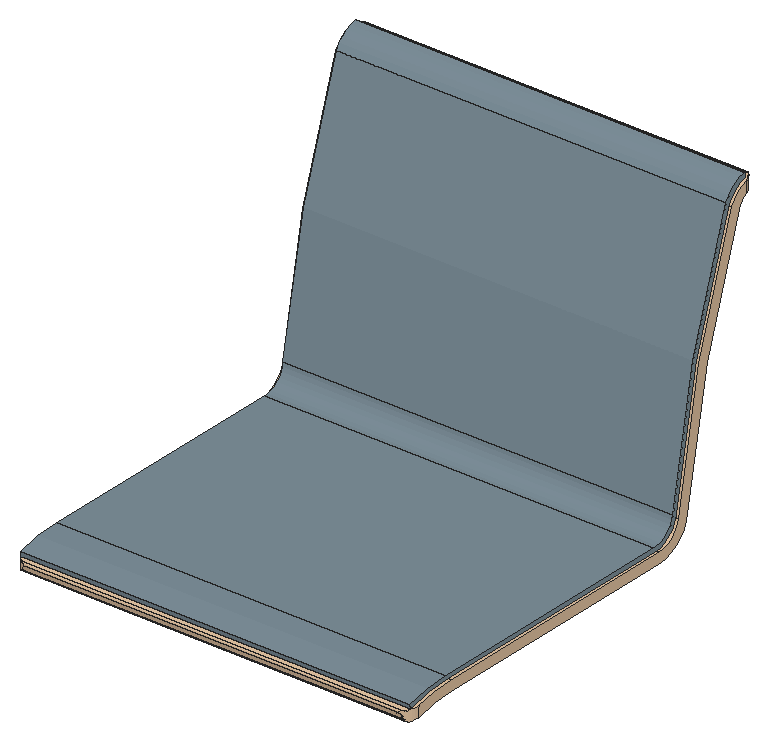
Revit family "FU_Modular_Sandler_Lin Wood 0124RO", category Furniture, Revit 2022
Family settings
  OmniClass Number = 23.40.20.00
  OmniClass Title = General Furniture and Specialties
  Work Plane-Based = No
  Always vertical = Yes
  Cut with Voids When Loaded = No
  Render Appearance Source = Family Geometry
  Shared = No
  Room Calculation Point = No
Parameters (values of type "Lin Wood 0124RO")
  Width = 550 mm
  URL = "https://www.sandlerseating.com/product/lin-wood-0124ro/"
  Shell [instance] = Wood - Oak - Natural - V
  Seat [instance] = Fabric - Mainline Flax - Epping MLF51
  Model = "Lin Wood 0124RO"
  Manufacturer = "Sandler"
  Height = 830 mm
  Description = "Seat mono-shell for bench made of oak plywood with upholstered seat and back pad.\r\nGreenguard Gold-certified to protect indoor air quality."
  Depth = 600 mm
  Default Elevation = 0 mm
Reference planes
  plane 1 "Center (Front/Back)": y = 0
  plane 2: z = 0
  plane 3 "Center (Left/Right)": x = 0
  plane 4 "Right": x = -275
  plane 5 "Left": x = 275
  plane 6 "Back": y = 300
  plane 7 "Front": y = -300
  plane 8 "Height": z = 830
  plane 9 "Seat height": z = 420
Forms (mm)
  Extrusion 1, solid, material "Wood - Oak - Natural - V" <- "Shell"
    sketch origin (0, 0, 0) x (0, 1, 0) y (0, 0, 1)
      loop
        arc (-296.528, 409.259) -> (-298.292, 407.781) -> (-298.489, 405.488) r 3
        line (-298.489, 405.488) -> (-296.145, 398.115)
        arc (-296.145, 398.115) -> (-294.694, 396.376) -> (-292.441, 396.146) r 3
        arc (-292.441, 396.146) -> (-259.598, 403.502) -> (-226.076, 406.516) r 257.81
        line (-226.076, 406.516) -> (136.328, 406.516)
        arc (136.328, 406.516) -> (167.135, 418.613) -> (182.606, 447.871) r 47.596
        arc (182.606, 447.871) -> (216.499, 619.653) -> (271.868, 785.761) r 1380.136
        arc (271.868, 785.761) -> (282.014, 798.558) -> (297.282, 804.355) r 30.751
        arc (297.282, 804.355) -> (299.219, 805.323) -> (300, 807.342) r 3
        line (300, 807.342) -> (300, 815.384)
        arc (300, 815.384) -> (299.034, 817.589) -> (296.758, 818.375) r 3
        arc (296.758, 818.375) -> (275.689, 811.238) -> (260.489, 794.996) r 45.679
        arc (260.489, 794.996) -> (203.377, 624.391) -> (168.377, 447.918) r 1414.809
        arc (168.377, 447.918) -> (156.802, 428.742) -> (136.018, 420.389) r 35.306
        line (136.018, 420.389) -> (-225.043, 420.389)
        arc (-225.043, 420.389) -> (-261.202, 417.498) -> (-296.528, 409.259) r 243.109
    from -275 to 275
  Extrusion 2, void
    sketch origin (0, 0, 0) x (1, 0, 0) y (0, 1, 0)
      loop
        arc (-255.478, -299.103) -> (-269.592, -293.178) -> (-275.383, -279.008) r 20
        line (-275.383, -279.008) -> (-283.594, -282.127) -> (-283.594, -305.864) -> (-258.594, -305.864) -> (-255.478, -299.103)
      loop
        line (255.478, -299.103) -> (258.594, -305.864) -> (283.594, -305.864) -> (283.594, -282.127) -> (275.383, -279.008)
        arc (275.383, -279.008) -> (269.592, -293.178) -> (255.478, -299.103) r 20
    from 385.619 to 420
  Extrusion 3, void
    sketch origin (0, 0, 0) x (1, 0, 0) y (0, 1, 0)
      loop
        line (275.49, 281.208) -> (282.251, 284.324) -> (282.251, 309.524) -> (258.59, 309.524) -> (255.395, 301.113)
        arc (255.395, 301.113) -> (269.565, 295.322) -> (275.49, 281.208) r 20
      loop
        arc (-275.49, 281.208) -> (-269.565, 295.322) -> (-255.395, 301.113) r 20
        line (-255.395, 301.113) -> (-258.59, 309.524) -> (-282.251, 309.524) -> (-282.251, 284.324) -> (-275.49, 281.208)
    from 785.898 to 830
  Extrusion 4, solid, material "Fabric - Mainline Flax - Epping MLF51" <- "Seat"
    sketch origin (0, 0, 0) x (0, 1, 0) y (0, 0, 1)
      loop
        arc (-291.172, 410.871) -> (-258.436, 417.913) -> (-225.043, 420.389) r 243.109
        line (-225.043, 420.389) -> (136.018, 420.389)
        arc (136.018, 420.389) -> (156.802, 428.742) -> (168.377, 447.918) r 35.306
        arc (168.377, 447.918) -> (203.377, 624.391) -> (260.489, 794.996) r 1414.809
        arc (260.489, 794.996) -> (272.483, 808.971) -> (289.022, 817.074) r 45.679
        line (289.022, 817.074) -> (289.022, 823.07)
        arc (289.022, 823.07) -> (269.688, 815.264) -> (255.489, 799.996) r 48
        arc (255.489, 799.996) -> (198.377, 629.391) -> (163.377, 452.918) r 1414.809
        arc (163.377, 452.918) -> (152.655, 432.739) -> (131.018, 425.389) r 31
        line (131.018, 425.389) -> (-230.043, 425.389)
        arc (-230.043, 425.389) -> (-261.699, 423.156) -> (-292.795, 416.819) r 243.109
        line (-292.795, 416.819) -> (-291.172, 410.871)
    from -270 to 270
Cuts and joins
  Extrusion 2, Extrusion 3 cuts Extrusion 1
Dimensions and locks
  equal spacing: plane 4 "Right", plane 3 "Center (Left/Right)", plane 5 "Left"
  "Width": plane 4 "Right" to plane 5 "Left"
  equal spacing: plane 6 "Back", plane 1 "Center (Front/Back)", plane 7 "Front"
  "Depth": plane 6 "Back" to plane 7 "Front"
  "Height": plane 8 "Height" to level
  plane 9 "Seat height" to level = 420 mm
  aligned and locked: level to plane 2
Automatic sketch dimensions
  Extrusion 1 sketch curve to plane 6 "Back" = 0 mm
  Extrusion 1 sketch curve to Extrusion 1 sketch curve = 3 mm  (x2)
  Extrusion 1 sketch curve to plane 9 "Seat height" = 13.484 mm
  Extrusion 1 sketch curve to plane 1 "Center (Front/Back)" = 136.328 mm
  plane 9 "Seat height" to Extrusion 1 sketch curve = 0.389 mm
  Extrusion 1 sketch curve to Extrusion 1 sketch curve = 0.31 mm
  Extrusion 1 sketch curve to Extrusion 1 sketch curve = 0.598 mm
  Extrusion 1 sketch curve to Extrusion 1 sketch curve = 1.495 mm
  plane 7 "Front" to Extrusion 1 sketch curve = 80.204 mm
  Extrusion 1 sketch curve to Extrusion 1 sketch curve = 4.005 mm
  plane 7 "Front" to Extrusion 1 sketch curve = 74.957 mm
  Extrusion 1 sketch curve to Extrusion 1 sketch curve = 1.033 mm
  plane 7 "Front" to Extrusion 1 sketch curve = 6.714 mm
  plane 7 "Front" to Extrusion 1 sketch curve = 4.37 mm
  Extrusion 1 sketch curve to Extrusion 1 sketch curve = 2.859 mm
  plane 7 "Front" to Extrusion 1 sketch curve = 1.511 mm
  plane 6 "Back" to Extrusion 1 sketch curve = 0.173 mm
  plane 6 "Back" to Extrusion 1 sketch curve = 0.437 mm
  Extrusion 1 sketch curve to plane 9 "Seat height" = 152.851 mm
  plane 6 "Back" to Extrusion 1 sketch curve = 1250.858 mm
  Extrusion 1 sketch curve to Extrusion 1 sketch curve = 19.99 mm
  Extrusion 1 sketch curve to Extrusion 1 sketch curve = 5.672 mm
  level to Extrusion 1 sketch curve = 177.283 mm
  Extrusion 1 sketch curve to Extrusion 1 sketch curve = 28.5 mm
  Extrusion 1 sketch curve to plane 9 "Seat height" = 21.885 mm
  Extrusion 1 sketch curve to Extrusion 1 sketch curve = 0.909 mm  (x2)
  Extrusion 1 sketch curve to Extrusion 1 sketch curve = 7.372 mm
  Extrusion 1 sketch curve to Extrusion 1 sketch curve = 33.714 mm
  Extrusion 1 sketch curve to Extrusion 1 sketch curve = 1.53 mm
  Extrusion 1 sketch curve to plane 8 "Height" = 57.156 mm
  Extrusion 1 sketch curve to Extrusion 1 sketch curve = 0.896 mm
  Extrusion 1 sketch curve to plane 8 "Height" = 22.658 mm
  Extrusion 1 sketch curve to Extrusion 1 sketch curve = 8.042 mm
  Extrusion 1 sketch curve to Extrusion 1 sketch curve = 0 mm  (x2)
  Extrusion 1 sketch curve to plane 6 "Back" = 28.132 mm
  Extrusion 1 sketch curve to Extrusion 1 sketch curve = 11.379 mm
  plane 4 "Right" to Extrusion 2 sketch curve = 8.594 mm
  plane 4 "Right" to Extrusion 2 sketch curve = 0.383 mm
  Extrusion 2 sketch curve to plane 7 "Front" = 5.864 mm  (x2)
  Extrusion 2 sketch curve to plane 4 "Right" = 16.406 mm
  plane 7 "Front" to Extrusion 2 sketch curve = 0.897 mm  (x2)
  Extrusion 2 sketch curve to Extrusion 2 sketch curve = 3.116 mm  (x2)
  Extrusion 2 sketch curve to plane 4 "Right" = 19.617 mm
  plane 5 "Left" to Extrusion 2 sketch curve = 19.617 mm
  plane 5 "Left" to Extrusion 2 sketch curve = 19.522 mm
  Extrusion 2 sketch curve to plane 5 "Left" = 0.383 mm
  Extrusion 2 sketch curve to plane 5 "Left" = 8.594 mm
  plane 7 "Front" to Extrusion 2 sketch curve = 17.873 mm  (x2)
  Extrusion 2 sketch curve to Extrusion 2 sketch curve = 20 mm  (x2)
  plane 4 "Right" to Extrusion 3 sketch curve = 7.251 mm
  plane 4 "Right" to Extrusion 3 sketch curve = 0.49 mm
  Extrusion 3 sketch curve to plane 4 "Right" = 16.41 mm
  Extrusion 3 sketch curve to plane 4 "Right" = 19.509 mm
  plane 6 "Back" to Extrusion 3 sketch curve = 1.113 mm  (x2)
  Extrusion 3 sketch curve to Extrusion 3 sketch curve = 3.194 mm  (x2)
  plane 5 "Left" to Extrusion 3 sketch curve = 19.605 mm
  plane 5 "Left" to Extrusion 3 sketch curve = 19.509 mm
  Extrusion 3 sketch curve to plane 5 "Left" = 0.49 mm
  Extrusion 3 sketch curve to plane 5 "Left" = 7.251 mm
  Extrusion 3 sketch curve to plane 6 "Back" = 15.676 mm  (x2)
  Extrusion 3 sketch curve to Extrusion 3 sketch curve = 3.116 mm  (x2)
  Extrusion 3 sketch curve to Extrusion 3 sketch curve = 8.411 mm  (x2)
  Extrusion 4 sketch curve to plane 9 "Seat height" = 3.181 mm
  plane 7 "Front" to Extrusion 4 sketch curve = 7.205 mm
  Extrusion 4 sketch curve to Extrusion 4 sketch curve = 1.623 mm
  plane 9 "Seat height" to Extrusion 4 sketch curve = 5.389 mm
  Extrusion 4 sketch curve to Extrusion 4 sketch curve = 61.129 mm
  plane 7 "Front" to Extrusion 4 sketch curve = 71.199 mm
  plane 9 "Seat height" to Extrusion 4 sketch curve = 0.389 mm
  Extrusion 4 sketch curve to Extrusion 4 sketch curve = 5 mm  (x8)
  Extrusion 4 sketch curve to plane 1 "Center (Front/Back)" = 131.018 mm
  Extrusion 4 sketch curve to Extrusion 4 sketch curve = 1.55 mm
  Extrusion 4 sketch curve to Extrusion 4 sketch curve = 1.357 mm
  Extrusion 4 sketch curve to plane 6 "Back" = 10.978 mm
  Extrusion 4 sketch curve to plane 6 "Back" = 3.102 mm
  plane 6 "Back" to Extrusion 4 sketch curve = 0.437 mm
  Extrusion 4 sketch curve to plane 9 "Seat height" = 153.524 mm
  Extrusion 4 sketch curve to Extrusion 4 sketch curve = 30.244 mm
  Extrusion 4 sketch curve to Extrusion 4 sketch curve = 0.718 mm
  Extrusion 4 sketch curve to plane 8 "Height" = 57.156 mm
  Extrusion 4 sketch curve to Extrusion 4 sketch curve = 2.877 mm
  Extrusion 4 sketch curve to plane 8 "Height" = 12.926 mm
  Extrusion 4 sketch curve to Extrusion 4 sketch curve = 5.997 mm
  Extrusion 4 sketch curve to Extrusion 4 sketch curve = 29.452 mm
